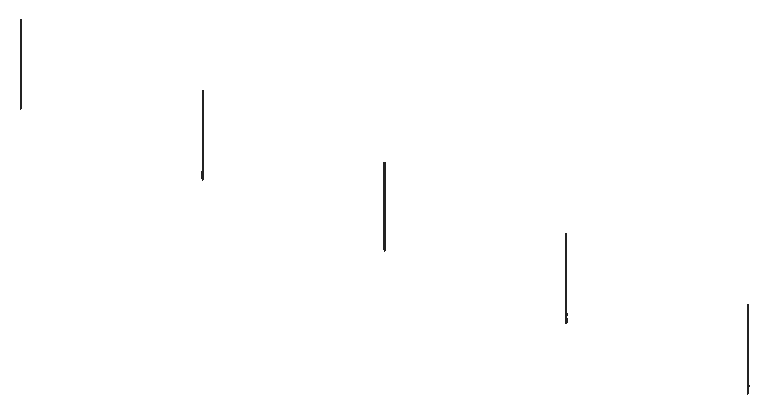
Revit family "Wire_Array-HunterDouglas-Snap-In", category Specialty Equipment, Revit 2013
Parameters (values of type "Parametric")
  ecoScorecard_data = "http://products.ecoscorecard.com/hunterdouglas/PTSI"
  ecoScorecard Product Page = "http://hunterdouglascontract.ecoscorecard.com/product/PTSI?base_search=product_category_A1035"
  Wire Visibility = yes
  Wire Hanger = Metal - Aluminum Frame - HunterDouglas - Painted White
  URL = "http://www.hunterdouglascontract.com/ceilings/index.jsp"
  Subcategory = "Metal – Plank and Tile"  # constant formula
  Product Line = "Snap-In"  # constant formula
  Perforations = "http://www.hunterdouglascontract.com/ceilings/metalsystems/plank/snapin/index.jsp?t=perfPage"
  Overall Length [instance] = (# of Wires - 1) * Wire Spacing  # 16' - 0"
  Model = "Snap-In Wire Hanger"  # constant formula
  Manufacturer = "Hunter Douglas Luxalon Metal Ceilings"  # constant formula
  Wire Spacing = 4' - 0"  # constant formula
  Hanger Wire Height [instance] = 2' - 0"
  Description = "Wire Hanger"  # constant formula
  Default Elevation = 0' - 0"
  Color Finishes = "http://www.hunterdouglascontract.com/ceilings/metalsystems/plank/snapin/index.jsp?t=colorPage"
  Assembly Code = "C3030200"
  95 CSI = "09510"  # constant formula
  04 CSI = "09 51 00"  # constant formula
  # of Wires = 5
Reference planes (in)
  plane 1 "Center (Front/Back)": y = 0
  plane 2: z = 0
  plane 3 "Center (Left/Right)": x = 0
  plane 4 "Left Edge": x = -96
  plane 5: x = 96
  plane 6: x = -48
  plane 7 "Ceiling Edge": z = 24
  plane 8 "Hanger Bottom": z = 3.25
Dimensions and locks (in)
  equal spacing: plane 4 "Left Edge", plane 3 "Center (Left/Right)", plane 5
  "Overall Length": plane 4 "Left Edge" to plane 5
  "Wire Spacing": plane 4 "Left Edge" to plane 6
  "Hanger Wire Height": plane 7 "Ceiling Edge" to level
  locked: plane 8 "Hanger Bottom" to level at 3.25
  equal spacing: group 1, group 3, group 4, group 5, group 2  (x3)
  aligned and locked: level to plane 2
  aligned and locked: plane 4 "Left Edge" to nested 1
  aligned and locked: plane 1 "Center (Front/Back)" to nested 1
  aligned and locked: nested 2 to plane 5
  aligned and locked: nested 2 to plane 1 "Center (Front/Back)"
  aligned and locked: nested 1 to plane 8 "Hanger Bottom"
  aligned and locked: plane 8 "Hanger Bottom" to nested 2
Nested families (in)
  nested 1: "Wire" at (-96, 0, 0) x (0, 1, 0) z (0, 0, 1), visible <- "Wire Visibility", type "Wire"
  nested 2: "Wire" at (96, 0, 0) x (0, 1, 0) z (0, 0, 1), visible <- "Wire Visibility", type "Wire"
  nested 3: "Wire" at (-48, 0, 0) x (0, 1, 0) z (0, 0, 1), visible <- "Wire Visibility", type "Wire"
  nested 4: "Wire" at (0, 0, 0) x (0, 1, 0) z (0, 0, 1), visible <- "Wire Visibility", type "Wire"
  nested 5: "Wire" at (48, 0, 0) x (0, 1, 0) z (0, 0, 1), visible <- "Wire Visibility", type "Wire"
Definition of nested family "Wire"
  Parameters (values of type "Wire")
    Material = Metal - Aluminum Frame - HunterDouglas - Painted White
    HangerWire Length = 2' - 0"
  Reference planes (in)
    plane 1 "Center (Front/Back)": y = 0
    plane 2: z = 0
    plane 3 "Center (Left/Right)": x = 0
    plane 4: x = -0.77248
    plane 5: x = 0.77248
    plane 6: z = 3.25
    plane 7: z = 3.3125
    plane 8: z = 24
  Forms (in)
    Sweep 1, solid, material "Metal - Aluminum Frame - HunterDouglas - Painted White" <- "Material", detail levels fine
      path origin (0, 0, 0) x (0.707107, 0.707107, 0) y (0, 0, 1)
        loop
          line (0.03125, 24) -> (0.03125, 4.52043) -> (0.38236, 3.95385)
          arc (0.38236, 3.95385) -> (0.44435, 3.82873) -> (0.48166, 3.69416) r 0.73777
          line (0.48166, 3.69416) -> (0.5376, 3.37899)
          arc (0.5376, 3.37899) -> (0.51364, 3.28927) -> (0.42949, 3.25) r 0.1098
          line (0.42949, 3.25) -> (-0.42976, 3.25)
          arc (-0.42976, 3.25) -> (-0.51374, 3.28919) -> (-0.53765, 3.37872) r 0.10957
          line (-0.53765, 3.37872) -> (-0.48246, 3.68965)
          arc (-0.48246, 3.68965) -> (-0.44395, 3.82857) -> (-0.37995, 3.95774) r 0.76163
          line (-0.37995, 3.95774) -> (-0.0384, 4.50888)
      profile origin (-0.0001, -0.0001, 3.25) x (0, 0, -1) y (0.707107, -0.707107, 0)
        loop
          circle (-0.03125, 0) r 0.03125
    Revolve 2, solid, material "Metal - Aluminum Frame - HunterDouglas - Painted White" <- "Material", detail levels fine
      sketch origin (0.00705, -1.10535, 0.17393) x (0, 0.947216, -0.320596) y (0, 0.320596, 0.947216)
        loop
          line (-0.45974, 4.85935) -> (-0.53048, 4.85935)
          arc (-0.53048, 4.85935) -> (-0.56173, 4.8281) -> (-0.53048, 4.79685) r 0.03125
          line (-0.53048, 4.79685) -> (-0.45974, 4.79685) -> (-0.45974, 4.85935)
        axis (-0.45974, 4.79685) -> (-0.45974, 4.85935)
      angle from 0 to 360
    Revolve 3, solid, material "Metal - Aluminum Frame - HunterDouglas - Painted White" <- "Material", detail levels fine
      sketch origin (0.00705, -1.10535, 0.04197) x (0, 0.947216, -0.320596) y (0, 0.320596, 0.947216)
        loop
          line (-0.45974, 4.85935) -> (-0.53048, 4.85935)
          arc (-0.53048, 4.85935) -> (-0.56173, 4.8281) -> (-0.53048, 4.79685) r 0.03125
          line (-0.53048, 4.79685) -> (-0.45974, 4.79685) -> (-0.45974, 4.85935)
        axis (-0.45974, 4.79685) -> (-0.45974, 4.85935)
      angle from 0 to 360
    Revolve 4, solid, material "Metal - Aluminum Frame - HunterDouglas - Painted White" <- "Material", detail levels fine
      sketch origin (0.00705, -1.10535, 0.10916) x (0, 0.947216, -0.320596) y (0, 0.320596, 0.947216)
        loop
          line (-0.45974, 4.85935) -> (-0.53048, 4.85935)
          arc (-0.53048, 4.85935) -> (-0.56173, 4.8281) -> (-0.53048, 4.79685) r 0.03125
          line (-0.53048, 4.79685) -> (-0.45974, 4.79685) -> (-0.45974, 4.85935)
        axis (-0.45974, 4.79685) -> (-0.45974, 4.85935)
      angle from 0 to 360
    Revolve 5, solid, material "Metal - Aluminum Frame - HunterDouglas - Painted White" <- "Material", detail levels fine
      sketch origin (0.00705, -1.10535, -0.02357) x (0, 0.947216, -0.320596) y (0, 0.320596, 0.947216)
        loop
          line (-0.45974, 4.85935) -> (-0.53048, 4.85935)
          arc (-0.53048, 4.85935) -> (-0.56173, 4.8281) -> (-0.53048, 4.79685) r 0.03125
          line (-0.53048, 4.79685) -> (-0.45974, 4.79685) -> (-0.45974, 4.85935)
        axis (-0.45974, 4.79685) -> (-0.45974, 4.85935)
      angle from 0 to 360
    Revolve 6, solid, material "Metal - Aluminum Frame - HunterDouglas - Painted White" <- "Material", detail levels fine
      sketch origin (0.00705, -1.10535, -0.08912) x (0, 0.947216, -0.320596) y (0, 0.320596, 0.947216)
        loop
          line (-0.45974, 4.85935) -> (-0.53048, 4.85935)
          arc (-0.53048, 4.85935) -> (-0.56173, 4.8281) -> (-0.53048, 4.79685) r 0.03125
          line (-0.53048, 4.79685) -> (-0.45974, 4.79685) -> (-0.45974, 4.85935)
        axis (-0.45974, 4.79685) -> (-0.45974, 4.85935)
      angle from 0 to 360
    Revolve 7, solid, material "Metal - Aluminum Frame - HunterDouglas - Painted White" <- "Material", detail levels fine
      sketch origin (0.00705, -1.10535, -0.15857) x (0, 0.947216, -0.320596) y (0, 0.320596, 0.947216)
        loop
          line (-0.45974, 4.85935) -> (-0.53048, 4.85935)
          arc (-0.53048, 4.85935) -> (-0.56173, 4.8281) -> (-0.53048, 4.79685) r 0.03125
          line (-0.53048, 4.79685) -> (-0.45974, 4.79685) -> (-0.45974, 4.85935)
        axis (-0.45974, 4.79685) -> (-0.45974, 4.85935)
      angle from 0 to 360
  Lines and regions (in)
    model lines, style "Wire", detail levels coarse+medium
      curve 1: line (0, 0, 23.78125) -> (0, 0, 3.3125)
    symbolic lines, style "Wire", detail levels fine
      curve 2: line (-0.38204, -0.33784, 0) -> (-0.08282, -0.03863, 0)
      curve 3: line (0.38204, 0.33784, 0) -> (0.09664, 0.05243, 0)
      curve 4: arc (0.33784, 0.38204, 0) -> (0.38204, 0.38204, 0) -> (0.38204, 0.33784, 0) r 0.03125
      curve 5: arc (-0.38204, -0.33784, 0) -> (-0.38204, -0.38204, 0) -> (-0.33784, -0.38204, 0) r 0.03125
      curve 6: circle (0.00691, 0.00691, 0) r 0.10062 normal (0, 0, 1)
      curve 7: circle (0, 0, 0) r 0.03125 normal (0, 0, 1)
      curve 8: line (0.05244, 0.09663, 0) -> (0.33784, 0.38204, 0)
      curve 9: line (-0.03862, -0.08282, 0) -> (-0.33784, -0.38204, 0)
      curve 14: line (-0.03122, 0, 24) -> (0.03122, 0, 24)
      curve 15: line (0.03122, 0, 24) -> (0.03122, 0, 4.9206)
      curve 16: line (-0.02999, 0, 4.50367) -> (-0.27048, 0, 3.97302)
      curve 17: line (-0.39791, 0, 3.38333) -> (-0.33782, 0, 3.70596)
      curve 18: arc (-0.33782, 0, 3.70596) -> (-0.3161, 0, 3.8425) -> (-0.27048, 0, 3.97302) r 0.77561
      curve 19: arc (-0.39791, 0, 3.38333) -> (-0.37867, 0, 3.29643) -> (-0.30275, 0, 3.25) r 0.11373
      curve 20: line (0.08629, 0, 4.43161) -> (-0.02999, 0, 4.50367)
      curve 21: spline (-0.03122, 0, 4.50264) -> (-0.02944, 0, 4.50316) -> (-0.02594, 0, 4.50416) -> (-0.02092, 0, 4.5056) -> (-0.01467, 0, 4.50739) -> (-0.00756, 0, 4.50942) -> (0, 0, 4.51157) -> (0.00755, 0, 4.51372) -> (0.01466, 0, 4.51574) -> (0.02091, 0, 4.51751) -> (0.02594, 0, 4.51893) -> (0.02944, 0, 4.51992) -> (0.03122, 0, 4.52042)
      curve 22: line (0.00884, 0, 4.43794) -> (-0.21356, 0, 3.94722)
      curve 23: arc (-0.2757, 0, 3.69815) -> (-0.25593, 0, 3.8255) -> (-0.21356, 0, 3.94722) r 0.71311
      curve 24: line (-0.33647, 0, 3.37189) -> (-0.2757, 0, 3.69815)
      curve 25: arc (-0.33647, 0, 3.37189) -> (-0.3278, 0, 3.33274) -> (-0.2936, 0, 3.31183) r 0.05123
      curve 26: line (0.03122, 0, 24) -> (-0.03122, 0, 24)
      curve 27: line (-0.03122, 0, 24) -> (-0.03122, 0, 4.9421)
      curve 28: line (-0.2936, 0, 3.31183) -> (0, 0, 3.31183)
      curve 29: line (0, 0, 3.25) -> (-0.30275, 0, 3.25)
      curve 30: line (-0.03122, 0, 4.54502) -> (-0.03122, 0, 4.50095)
      curve 31: line (0.03122, 0, 4.50095) -> (0.27048, 0, 3.97302)
      curve 32: line (0.39791, 0, 3.38333) -> (0.33782, 0, 3.70596)
      curve 33: arc (0.33782, 0, 3.70596) -> (0.3161, 0, 3.8425) -> (0.27048, 0, 3.97302) r 0.77561
      curve 34: arc (0.39791, 0, 3.38333) -> (0.37867, 0, 3.29643) -> (0.30275, 0, 3.25) r 0.11373
      curve 35: spline (0.03122, 0, 4.50264) -> (0.02944, 0, 4.50316) -> (0.02594, 0, 4.50416) -> (0.02092, 0, 4.5056) -> (0.01467, 0, 4.50739) -> (0.00756, 0, 4.50942) -> (0, 0, 4.51157) -> (-0.00755, 0, 4.51372) -> (-0.01466, 0, 4.51574) -> (-0.02091, 0, 4.51751) -> (-0.02594, 0, 4.51893) -> (-0.02944, 0, 4.51992) -> (-0.03122, 0, 4.52042)
      curve 36: line (-0.00884, 0, 4.43794) -> (0.21356, 0, 3.94722)
      curve 37: arc (0.2757, 0, 3.69815) -> (0.25593, 0, 3.8255) -> (0.21356, 0, 3.94722) r 0.71311
      curve 38: line (0.33647, 0, 3.37189) -> (0.2757, 0, 3.69815)
      curve 39: arc (0.33647, 0, 3.37189) -> (0.3278, 0, 3.33274) -> (0.2936, 0, 3.31183) r 0.05123
      curve 40: line (0.2936, 0, 3.31183) -> (0, 0, 3.31183)
      curve 41: line (0, 0, 3.25) -> (0.30275, 0, 3.25)
      curve 42: line (0.03122, 0, 4.54502) -> (0.03122, 0, 4.50095)
      curve 43: line (0, 0.03122, 4.50095) -> (0, 0.27048, 3.97302)
      curve 44: line (0, 0.39791, 3.38333) -> (0, 0.33782, 3.70596)
      curve 45: arc (0, 0.33782, 3.70596) -> (0, 0.3161, 3.8425) -> (0, 0.27048, 3.97302) r 0.77561
      curve 46: arc (0, 0.39791, 3.38333) -> (0, 0.37867, 3.29643) -> (0, 0.30275, 3.25) r 0.11373
      curve 47: line (0, -0.00884, 4.43794) -> (0, 0.21356, 3.94722)
      curve 48: arc (0, 0.2757, 3.69815) -> (0, 0.25593, 3.8255) -> (0, 0.21356, 3.94722) r 0.71311
      curve 49: line (0, 0.33647, 3.37189) -> (0, 0.2757, 3.69815)
      curve 50: arc (0, 0.33647, 3.37189) -> (0, 0.3278, 3.33274) -> (0, 0.2936, 3.31183) r 0.05123
      curve 51: line (0, 0.2936, 3.31183) -> (0, 0, 3.31183)
      curve 52: line (0, 0, 3.25) -> (0, 0.30275, 3.25)
      curve 53: line (0, -0.03122, 4.50095) -> (0, -0.27048, 3.97302)
      curve 54: line (0, -0.39791, 3.38333) -> (0, -0.33782, 3.70596)
      curve 55: arc (0, -0.33782, 3.70596) -> (0, -0.3161, 3.8425) -> (0, -0.27048, 3.97302) r 0.77561
      curve 56: arc (0, -0.39791, 3.38333) -> (0, -0.37867, 3.29643) -> (0, -0.30275, 3.25) r 0.11373
      curve 57: line (0, 0.00884, 4.43794) -> (0, -0.21356, 3.94722)
      curve 58: arc (0, -0.2757, 3.69815) -> (0, -0.25593, 3.8255) -> (0, -0.21356, 3.94722) r 0.71311
      curve 59: line (0, -0.33647, 3.37189) -> (0, -0.2757, 3.69815)
      curve 60: arc (0, -0.33647, 3.37189) -> (0, -0.3278, 3.33274) -> (0, -0.2936, 3.31183) r 0.05123
      curve 61: line (0, -0.2936, 3.31183) -> (0, 0, 3.31183)
      curve 62: line (0, 0, 3.25) -> (0, -0.30275, 3.25)
      curve 63: line (0, -0.03122, 4.54502) -> (0, -0.03122, 4.50095)
      curve 64: line (0, -0.04684, 4.94748) -> (0, 0.08788, 4.90109)
      curve 65: line (0, -0.07537, 4.89108) -> (0, 0.06749, 4.84189)
      curve 66: arc (0, 0.08788, 4.90109) -> (0, 0.10729, 4.8613) -> (0, 0.06749, 4.84189) r 0.03131
      curve 67: arc (0, -0.04684, 4.94748) -> (0, -0.08569, 4.93172) -> (0, -0.07537, 4.89108) r 0.0319
      curve 68: arc (0, 0.08788, 4.83487) -> (0, 0.10784, 4.79687) -> (0, 0.0711, 4.77466) r 0.03131
      curve 69: arc (0, -0.04684, 4.88126) -> (0, -0.08551, 4.86585) -> (0, -0.07602, 4.82532) r 0.0319
      curve 70: line (0, -0.07602, 4.82532) -> (0, 0.0711, 4.77466)
      curve 71: arc (0, 0.08788, 4.76865) -> (0, 0.10784, 4.73065) -> (0, 0.0711, 4.70844) r 0.03131
      curve 72: arc (0, -0.04684, 4.81504) -> (0, -0.08551, 4.79963) -> (0, -0.07602, 4.7591) r 0.0319
      curve 73: line (0, -0.07602, 4.7591) -> (0, 0.0711, 4.70844)
      curve 74: arc (0, 0.08788, 4.70243) -> (0, 0.10784, 4.66443) -> (0, 0.0711, 4.64222) r 0.03131
      curve 75: arc (0, -0.04684, 4.74882) -> (0, -0.08551, 4.73341) -> (0, -0.07602, 4.69288) r 0.0319
      curve 76: line (0, -0.07602, 4.69288) -> (0, 0.0711, 4.64222)
      curve 77: arc (0, 0.08788, 4.63621) -> (0, 0.10784, 4.59821) -> (0, 0.0711, 4.576) r 0.03131
      curve 78: arc (0, -0.04684, 4.6826) -> (0, -0.08551, 4.66719) -> (0, -0.07602, 4.62666) r 0.0319
      curve 79: line (0, -0.07602, 4.62666) -> (0, 0.0711, 4.576)
      curve 80: arc (0, 0.08788, 4.56999) -> (0, 0.10784, 4.53199) -> (0, 0.0711, 4.50978) r 0.03131
      curve 81: arc (0, -0.04684, 4.61638) -> (0, -0.08551, 4.60097) -> (0, -0.07602, 4.56044) r 0.0319
      curve 82: line (0, -0.07602, 4.56044) -> (0, 0.0711, 4.50978)
      curve 83: line (0, -0.03122, 4.54502) -> (0, -0.03122, 4.50095)
      curve 84: spline (0, 0.03122, 4.50264) -> (0, 0.02944, 4.50316) -> (0, 0.02594, 4.50416) -> (0, 0.02092, 4.5056) -> (0, 0.01467, 4.50739) -> (0, 0.00756, 4.50942) -> (0, 0, 4.51157) -> (0, -0.00755, 4.51372) -> (0, -0.01466, 4.51574) -> (0, -0.02091, 4.51751) -> (0, -0.02594, 4.51893) -> (0, -0.02944, 4.51992) -> (0, -0.03122, 4.52042)
      curve 85: line (0, 0.03122, 4.52352) -> (0, 0.03122, 4.50095)
    symbolic lines, style "Wire"
      curve 10: line (0, 0.03125, 24) -> (0, -0.03125, 24)
      curve 11: line (0, -0.03125, 24) -> (0, -0.03125, 4.86415)
      curve 12: arc (0, 0.03125, 4.86415) -> (0, 0, 4.85466) -> (0, -0.03125, 4.86415) r 0.05621
      curve 13: line (0, 0.03125, 4.86415) -> (0, 0.03125, 24)
      curve 86: arc (-0.07801, 0, 4.59631) -> (-0.09482, 0, 4.63088) -> (-0.07483, 0, 4.66372) r 0.04011
      curve 87: arc (-0.07459, 0, 4.66386) -> (-0.03526, 0, 4.67961) -> (0.00686, 0, 4.68417) r 0.15569
      curve 88: arc (0.09173, 0, 4.59631) -> (0.10854, 0, 4.63088) -> (0.08855, 0, 4.66372) r 0.04011
      curve 89: arc (0.0883, 0, 4.66386) -> (0.04898, 0, 4.67961) -> (0.00686, 0, 4.68417) r 0.15569
      curve 90: arc (-0.07483, 0, 4.66372) -> (-0.09482, 0, 4.69663) -> (-0.07788, 0, 4.73122) r 0.04011
      curve 91: arc (-0.07459, 0, 4.73331) -> (-0.03526, 0, 4.74906) -> (0.00686, 0, 4.75362) r 0.15569
      curve 92: arc (0.08855, 0, 4.66372) -> (0.10858, 0, 4.69859) -> (0.0883, 0, 4.73331) r 0.04011
      curve 93: arc (0.0883, 0, 4.73331) -> (0.04898, 0, 4.74906) -> (0.00686, 0, 4.75362) r 0.15569
      curve 94: arc (-0.07788, 0, 4.73122) -> (-0.09482, 0, 4.76594) -> (-0.07459, 0, 4.79885) r 0.04011
      curve 95: arc (-0.07459, 0, 4.79885) -> (-0.03526, 0, 4.8146) -> (0.00686, 0, 4.81916) r 0.15569
      curve 96: arc (0.0916, 0, 4.73122) -> (0.10853, 0, 4.76594) -> (0.0883, 0, 4.79885) r 0.04011
      curve 97: arc (0.0883, 0, 4.79885) -> (0.04898, 0, 4.8146) -> (0.00686, 0, 4.81916) r 0.15569
      curve 98: arc (-0.07788, 0, 4.79676) -> (-0.09486, 0, 4.82953) -> (-0.07788, 0, 4.8623) r 0.04011
      curve 99: arc (-0.07459, 0, 4.86439) -> (-0.03526, 0, 4.88014) -> (0.00686, 0, 4.8847) r 0.15569
      curve 100: arc (0.0916, 0, 4.79676) -> (0.10858, 0, 4.82953) -> (0.0916, 0, 4.8623) r 0.04011
      curve 101: arc (0.0883, 0, 4.86439) -> (0.04898, 0, 4.88014) -> (0.00686, 0, 4.8847) r 0.15569
      curve 102: arc (-0.07788, 0, 4.8623) -> (-0.09482, 0, 4.89702) -> (-0.07459, 0, 4.92994) r 0.04011
      curve 103: arc (-0.07459, 0, 4.92994) -> (-0.03526, 0, 4.94568) -> (0.00686, 0, 4.95024) r 0.15569
      curve 104: arc (0.0916, 0, 4.8623) -> (0.10853, 0, 4.89702) -> (0.0883, 0, 4.92994) r 0.04011
      curve 105: arc (0.0883, 0, 4.92994) -> (0.04898, 0, 4.94568) -> (0.00686, 0, 4.95024) r 0.15569
      curve 106: arc (-0.07788, 0, 4.53068) -> (-0.09482, 0, 4.56541) -> (-0.07459, 0, 4.59832) r 0.04011
      curve 107: arc (-0.07801, 0, 4.59631) -> (-0.03718, 0, 4.61357) -> (0.00686, 0, 4.61863) r 0.15569
      curve 108: arc (0.0916, 0, 4.53068) -> (0.10853, 0, 4.56541) -> (0.0883, 0, 4.59832) r 0.04011
      curve 109: arc (0.09173, 0, 4.59631) -> (0.0509, 0, 4.61357) -> (0.00686, 0, 4.61863) r 0.15569
      curve 110: arc (-0.07788, 0, 4.53068) -> (-0.05245, 0, 4.51733) -> (-0.02439, 0, 4.51121) r 0.10721
      curve 111: arc (0.0916, 0, 4.53068) -> (0.06617, 0, 4.51733) -> (0.03811, 0, 4.51121) r 0.10721
  Dimensions and locks (in)
    equal spacing: plane 4, plane 3 "Center (Left/Right)", plane 5
    plane 4 to plane 5 = 0' - 1.54495"
    locked: plane 6 to plane 7 at 0.0625
    locked: plane 6 to level at 3.25
    "HangerWire Length": plane 8 to level
    aligned and locked: level to plane 2
    aligned and locked: Sweep 1 sketch curve to plane 6
    aligned and locked: curve 1 to plane 3 "Center (Left/Right)"
    aligned and locked: plane 7 to curve 1
    aligned and locked: plane 8 to curve 26
    aligned and locked: plane 8 to Sweep 1 sketch curve
    aligned and locked: curve 10 to plane 8
  Automatic sketch dimensions
    curve 12 to plane 1 "Center (Front/Back)" = 0' - 0"
    plane 1 "Center (Front/Back)" to curve 11 = 0' - 0 1/32"
    curve 13 to plane 1 "Center (Front/Back)" = 0' - 0 1/32"
    curve 12 to curve 12 = 0' - 0.04672"
    curve 18 to curve 23 = 0' - 0"  (x2)
    curve 19 to curve 25 = 0' - 0"  (x2)
    curve 33 to curve 37 = 0' - 0"  (x2)
    curve 34 to curve 39 = 0' - 0"  (x2)
    curve 19 to plane 6 = 0' - 0"
    curve 41 to plane 3 "Center (Left/Right)" = 0' - 0"
    curve 40 to plane 3 "Center (Left/Right)" = 0' - 0"
    curve 35 to plane 3 "Center (Left/Right)" = 0' - 0"
    curve 36 to plane 3 "Center (Left/Right)" = 0' - 0.00884"
    curve 16 to plane 3 "Center (Left/Right)" = 0' - 0.02999"
    curve 14 to plane 3 "Center (Left/Right)" = 0' - 0.03122"
    curve 35 to curve 16 = 0' - 0.00123"
    curve 21 to curve 21 = 0' - 0.00021"
    curve 22 to plane 3 "Center (Left/Right)" = 0' - 0.21356"
    curve 18 to curve 23 = 0' - 0.05693"
    curve 23 to curve 22 = 0' - 0.06215"
    plane 7 to curve 19 = 0' - 0.05001"
    curve 19 to plane 3 "Center (Left/Right)" = 0' - 0.2861"
    curve 25 to plane 7 = 0' - 0.00067"
    curve 25 to curve 19 = 0' - 0.0075"
    curve 29 to curve 28 = 0' - 0.00915"
    curve 25 to curve 19 = 0' - 0.05037"
    curve 17 to curve 23 = 0' - 0.06212"
    plane 7 to curve 17 = 0' - 0.07083"
    curve 37 to curve 17 = 0' - 0.09814"
    plane 3 "Center (Left/Right)" to curve 21 = 0' - 0"
    plane 3 "Center (Left/Right)" to curve 22 = 0' - 0.00884"
    plane 3 "Center (Left/Right)" to curve 42 = 0' - 0.03122"
    plane 3 "Center (Left/Right)" to curve 14 = 0' - 0.03122"
    curve 35 to curve 31 = 0' - 0"
    curve 35 to curve 35 = 0' - 0.00021"
    curve 22 to curve 20 = 0' - 0.07745"
    plane 3 "Center (Left/Right)" to curve 37 = 0' - 0.21356"
    curve 36 to curve 31 = 0' - 0.05693"
    curve 37 to curve 38 = 0' - 0.06215"
    plane 7 to curve 39 = 0' - 0.05001"
    plane 3 "Center (Left/Right)" to curve 39 = 0' - 0.2861"
    curve 34 to curve 40 = 0' - 0.0075"
    curve 39 to curve 34 = 0' - 0.00915"
    curve 34 to curve 39 = 0' - 0.05037"
    curve 38 to curve 33 = 0' - 0.06212"
    curve 38 to curve 34 = 0' - 0.06144"
    curve 33 to curve 23 = 0' - 0.09814"
    curve 19 to curve 33 = 0' - 0 69/256"
    curve 34 to curve 18 = 0' - 0 69/256"
    curve 33 to curve 23 = 0' - 0.04529"
    curve 18 to curve 37 = 0' - 0.04529"
    curve 38 to curve 32 = 0' - 0 1/128"
    curve 23 to curve 18 = 0' - 0 1/128"
    curve 33 to curve 20 = 0' - 0.4586"
    curve 20 to curve 36 = 0' - 0.00633"
    curve 22 to curve 36 = 0' - 0"
    curve 36 to curve 30 = 0' - 0.06301"
    curve 42 to curve 16 = 0' - 0.00272"
    curve 31 to curve 35 = 0' - 0.00163"
    curve 30 to curve 21 = 0' - 0.00163"
    curve 35 to curve 35 = 0' - 0.00006"
    curve 21 to curve 21 = 0' - 0.00006"
    curve 35 to curve 30 = 0' - 0.0246"
    curve 21 to curve 42 = 0' - 0.0246"
    curve 42 to curve 15 = 0' - 0.37558"
    curve 15 to curve 27 = 0' - 0.0215"
    plane 1 "Center (Front/Back)" to curve 7 = 0' - 0"
    curve 7 to plane 3 "Center (Left/Right)" = 0' - 0"
    curve 9 to plane 3 "Center (Left/Right)" = 0' - 0.03862"
    plane 1 "Center (Front/Back)" to curve 2 = 0' - 0.03863"
    curve 2 to curve 9 = 0' - 0.0442"
    curve 5 to plane 3 "Center (Left/Right)" = 0' - 0.33784"
    curve 5 to curve 9 = 0' - 0.0221"
    curve 5 to curve 5 = 0' - 0.0221"
    plane 3 "Center (Left/Right)" to curve 6 = 0' - 0.00691"
    plane 3 "Center (Left/Right)" to curve 8 = 0' - 0.05244"
    curve 8 to curve 3 = 0' - 0.0442"
    plane 3 "Center (Left/Right)" to curve 4 = 0' - 0.33784"
    curve 4 to curve 4 = 0' - 0.0221"
    curve 4 to curve 3 = 0' - 0.0221"
    curve 9 to curve 2 = 0' - 0.0442"
    plane 1 "Center (Front/Back)" to curve 2 = 0' - 0.33784"
    curve 5 to curve 2 = 0' - 0.0221"
    curve 4 to plane 1 "Center (Front/Back)" = 0' - 0.33784"
    curve 3 to curve 4 = 0' - 0.0221"
    plane 7 to Sweep 1 sketch curve = 0' - 0.06622"
    plane 7 to Sweep 1 sketch curve = 0' - 0.37715"
    Sweep 1 sketch curve to Sweep 1 sketch curve = 0' - 0.05519"
    Sweep 1 sketch curve to Sweep 1 sketch curve = 0' - 0.10788"
    Sweep 1 sketch curve to Sweep 1 sketch curve = 0' - 0.10251"
    Sweep 1 sketch curve to Sweep 1 sketch curve = 0' - 0.2377"
    plane 7 to Sweep 1 sketch curve = 0' - 1.19638"
    Sweep 1 sketch curve to Sweep 1 sketch curve = 0' - 0.34154"
    Sweep 1 sketch curve to Sweep 1 sketch curve = 0' - 0.06965"
    plane 7 to Sweep 1 sketch curve = 0' - 0.24405"
    Sweep 1 sketch curve to Sweep 1 sketch curve = 0' - 0.51221"
    Sweep 1 sketch curve to Sweep 1 sketch curve = 0' - 0.1149"
    Sweep 1 sketch curve to Sweep 1 sketch curve = 0' - 0.16204"
    Sweep 1 sketch curve to Sweep 1 sketch curve = 0' - 0.21421"
    plane 7 to Sweep 1 sketch curve = 0' - 0.06649"
    Sweep 1 sketch curve to Sweep 1 sketch curve = 0' - 0.10811"
    plane 7 to Sweep 1 sketch curve = 0' - 0.25273"
    Sweep 1 sketch curve to Sweep 1 sketch curve = 0' - 0.13761"
    Sweep 1 sketch curve to Sweep 1 sketch curve = 0' - 0.01154"
    Sweep 1 sketch curve to profile plane = 0' - 0"
    profile plane to Sweep 1 sketch curve = 0' - 0 1/32"
    plane 1 "Center (Front/Back)" to Revolve 2 sketch curve = 0' - 0.06997"
    plane 7 to Revolve 2 sketch curve = 0' - 1.57516"
    Revolve 2 sketch curve to Revolve 2 sketch curve = 0' - 0.07074"
    Revolve 2 sketch curve to Revolve 2 sketch curve = 0' - 0"  (x2)
    Revolve 2 sketch curve to Revolve 2 sketch curve = 0' - 0 1/32"
    Revolve 2 sketch curve to Revolve 2 sketch curve = 0' - 0.02781"
    plane 1 "Center (Front/Back)" to Revolve 3 sketch curve = 0' - 0.06997"
    plane 7 to Revolve 3 sketch curve = 0' - 1.44319"
    Revolve 3 sketch curve to Revolve 3 sketch curve = 0' - 0.07074"
    Revolve 3 sketch curve to Revolve 3 sketch curve = 0' - 0"  (x2)
    Revolve 3 sketch curve to Revolve 3 sketch curve = 0' - 0 1/32"
    Revolve 3 sketch curve to Revolve 3 sketch curve = 0' - 0.02781"
    curve 45 to curve 48 = 0' - 0"  (x2)
    curve 46 to curve 50 = 0' - 0"  (x2)
    curve 55 to curve 58 = 0' - 0"  (x2)
    curve 56 to curve 60 = 0' - 0"  (x2)
    plane 6 to curve 46 = 0' - 0"
    curve 61 to plane 1 "Center (Front/Back)" = 0' - 0"
    curve 52 to plane 1 "Center (Front/Back)" = 0' - 0"
    curve 57 to plane 1 "Center (Front/Back)" = 0' - 0.00884"
    curve 85 to plane 1 "Center (Front/Back)" = 0' - 0.03122"
    curve 84 to curve 43 = 0' - 0"
    curve 84 to curve 84 = 0' - 0.00021"
    curve 65 to plane 1 "Center (Front/Back)" = 0' - 0.06749"
    curve 73 to plane 1 "Center (Front/Back)" = 0' - 0.0711"
    curve 68 to curve 71 = 0' - 0"
    curve 79 to curve 85 = 0' - 0.03988"
    curve 82 to curve 84 = 0' - 0.03967"
    curve 76 to curve 73 = 0' - 0"
    curve 74 to curve 74 = 0' - 0.00658"
    curve 68 to curve 68 = 0' - 0.00658"
    curve 77 to curve 79 = 0' - 0.00658"
    curve 80 to curve 80 = 0' - 0.00658"
    curve 71 to curve 73 = 0' - 0.00658"
    curve 66 to curve 66 = 0' - 0.01019"
    curve 80 to curve 79 = 0' - 0.01678"
    curve 77 to curve 76 = 0' - 0.01678"
    curve 64 to curve 66 = 0' - 0.01019"
    curve 71 to curve 70 = 0' - 0.01678"
    curve 68 to curve 66 = 0' - 0.02038"
    curve 74 to curve 73 = 0' - 0.01678"
    curve 48 to plane 1 "Center (Front/Back)" = 0' - 0.21356"
    curve 45 to curve 47 = 0' - 0.05693"
    curve 48 to curve 48 = 0' - 0.06215"
    plane 7 to curve 46 = 0' - 0.05001"
    curve 46 to plane 1 "Center (Front/Back)" = 0' - 0.2861"
    curve 50 to plane 7 = 0' - 0.00067"
    curve 50 to curve 46 = 0' - 0.0075"
    curve 52 to curve 50 = 0' - 0.00915"
    plane 7 to curve 49 = 0' - 0.05939"
    curve 44 to curve 48 = 0' - 0.06212"
    curve 46 to curve 49 = 0' - 0.06144"
    curve 55 to curve 45 = 0' - 0.09814"
    plane 1 "Center (Front/Back)" to curve 84 = 0' - 0"
    plane 1 "Center (Front/Back)" to curve 47 = 0' - 0.00884"
    plane 1 "Center (Front/Back)" to curve 83 = 0' - 0.03122"
    plane 1 "Center (Front/Back)" to curve 64 = 0' - 0.04684"
    plane 1 "Center (Front/Back)" to curve 69 = 0' - 0.04684"
    plane 1 "Center (Front/Back)" to curve 72 = 0' - 0.04684"
    plane 1 "Center (Front/Back)" to curve 81 = 0' - 0.04684"
    plane 1 "Center (Front/Back)" to curve 78 = 0' - 0.04684"
    plane 1 "Center (Front/Back)" to curve 75 = 0' - 0.04684"
    curve 72 to curve 72 = 0' - 0.01039"
    curve 67 to curve 67 = 0' - 0.01039"
    curve 81 to curve 81 = 0' - 0.01039"
    curve 69 to curve 69 = 0' - 0.01039"
    curve 78 to curve 78 = 0' - 0.01039"
    curve 75 to curve 75 = 0' - 0.01039"
    curve 69 to curve 67 = 0' - 0.02853"
    curve 75 to curve 73 = 0' - 0.02918"
    curve 72 to curve 69 = 0' - 0.02918"
    curve 81 to curve 81 = 0' - 0.01879"
    curve 78 to curve 75 = 0' - 0.02918"
    curve 81 to curve 79 = 0' - 0.02918"
    plane 1 "Center (Front/Back)" to curve 57 = 0' - 0.21356"
    curve 57 to curve 55 = 0' - 0.05693"
    curve 58 to curve 58 = 0' - 0.06215"
    plane 7 to curve 60 = 0' - 0.05001"
    plane 1 "Center (Front/Back)" to curve 60 = 0' - 0.2861"
    curve 56 to curve 60 = 0' - 0.0075"
    curve 60 to curve 62 = 0' - 0.00915"
    curve 56 to curve 60 = 0' - 0.05037"
    curve 58 to curve 55 = 0' - 0.06212"
    plane 7 to curve 54 = 0' - 0.07083"
    curve 54 to curve 45 = 0' - 0.09814"
    curve 56 to curve 45 = 0' - 0 69/256"
    curve 44 to curve 55 = 0' - 0 69/256"
    curve 45 to curve 59 = 0' - 0.04529"
    curve 55 to curve 49 = 0' - 0.04529"
    curve 58 to curve 54 = 0' - 0 1/128"
    curve 48 to curve 44 = 0' - 0 1/128"
    curve 57 to curve 47 = 0' - 0.49072"
    curve 57 to curve 47 = 0' - 0"
    curve 47 to curve 53 = 0' - 0.06301"
    curve 43 to curve 53 = 0' - 0"
    curve 43 to curve 84 = 0' - 0.00163"
    curve 84 to curve 84 = 0' - 0.00006"
    curve 84 to curve 80 = 0' - 0.00721"
    curve 84 to curve 85 = 0' - 0.02087"
    curve 80 to curve 80 = 0' - 0.03061"
    curve 80 to curve 79 = 0' - 0.00601"
    curve 81 to curve 81 = 0' - 0.02577"
    curve 79 to curve 77 = 0' - 0.03061"
    curve 81 to curve 79 = 0' - 0.01028"
    curve 77 to curve 74 = 0' - 0.00601"
    curve 78 to curve 78 = 0' - 0.02577"
    curve 74 to curve 74 = 0' - 0.03061"
    curve 78 to curve 75 = 0' - 0.01028"
    curve 74 to curve 73 = 0' - 0.00601"
    curve 75 to curve 75 = 0' - 0.02577"
    curve 73 to curve 71 = 0' - 0.03061"
    curve 75 to curve 72 = 0' - 0.01028"
    curve 71 to curve 68 = 0' - 0.00601"
    curve 72 to curve 72 = 0' - 0.02577"
    curve 68 to curve 68 = 0' - 0.03061"
    curve 72 to curve 69 = 0' - 0.01028"
    curve 68 to curve 66 = 0' - 0.00702"
    curve 70 to curve 69 = 0' - 0.02577"
    curve 66 to curve 66 = 0' - 0.0296"
    curve 65 to curve 67 = 0' - 0.02623"
    curve 86 to plane 3 "Center (Left/Right)" = 0' - 0.07801"
    curve 94 to plane 3 "Center (Left/Right)" = 0' - 0.07788"
    curve 98 to curve 94 = 0' - 0"
    curve 98 to curve 98 = 0' - 0"
    curve 107 to curve 110 = 0' - 0.00013"
    curve 86 to curve 90 = 0' - 0.00318"
    curve 102 to curve 99 = 0' - 0.0033"
    curve 98 to curve 95 = 0' - 0.0033"
    curve 90 to curve 87 = 0' - 0.00025"
    curve 86 to curve 106 = 0' - 0.00342"
    curve 94 to curve 91 = 0' - 0.0033"
    curve 94 to curve 95 = 0' - 0"
    curve 102 to curve 99 = 0' - 0"
    curve 103 to curve 102 = 0' - 0"
    curve 110 to curve 106 = 0' - 0.02313"
    curve 106 to curve 86 = 0' - 0.01984"
    curve 99 to curve 102 = 0' - 0.01984"
    curve 87 to curve 90 = 0' - 0.01984"
    curve 91 to curve 94 = 0' - 0.01984"
    curve 95 to curve 98 = 0' - 0.01984"
    curve 110 to plane 3 "Center (Left/Right)" = 0' - 0.02439"
    curve 110 to plane 3 "Center (Left/Right)" = 0' - 0.01579"
    plane 3 "Center (Left/Right)" to curve 107 = 0' - 0.00241"
    plane 3 "Center (Left/Right)" to curve 99 = 0' - 0.00241"
    plane 3 "Center (Left/Right)" to curve 91 = 0' - 0.00241"
    plane 3 "Center (Left/Right)" to curve 87 = 0' - 0.00241"
    plane 3 "Center (Left/Right)" to curve 103 = 0' - 0.00241"
    plane 3 "Center (Left/Right)" to curve 95 = 0' - 0.00241"
    plane 3 "Center (Left/Right)" to curve 103 = 0' - 0.00686"
    plane 3 "Center (Left/Right)" to curve 101 = 0' - 0.00686"
    plane 3 "Center (Left/Right)" to curve 97 = 0' - 0.00686"
    plane 3 "Center (Left/Right)" to curve 87 = 0' - 0.00686"
    plane 3 "Center (Left/Right)" to curve 109 = 0' - 0.00686"
    plane 3 "Center (Left/Right)" to curve 91 = 0' - 0.00686"
    curve 107 to curve 109 = 0' - 0.00891"
    curve 103 to curve 105 = 0' - 0.00891"
    curve 99 to curve 101 = 0' - 0.00891"
    curve 87 to curve 89 = 0' - 0.00891"
    curve 91 to curve 93 = 0' - 0.00891"
    curve 95 to curve 97 = 0' - 0.00891"
    curve 107 to curve 111 = 0' - 0.02264"
    curve 89 to curve 111 = 0' - 0.0268"
    curve 87 to curve 92 = 0' - 0.06161"
    curve 99 to curve 104 = 0' - 0.06161"
    curve 111 to curve 88 = 0' - 0.03896"
    curve 91 to curve 96 = 0' - 0.06161"
    curve 111 to curve 108 = 0' - 0.03036"
    curve 97 to curve 100 = 0' - 0.06161"
    curve 96 to curve 93 = 0' - 0.01984"
    curve 104 to curve 101 = 0' - 0.01984"
    curve 100 to curve 97 = 0' - 0.01984"
    curve 92 to curve 89 = 0' - 0.01984"
    curve 96 to curve 97 = 0' - 0"
    curve 104 to curve 104 = 0' - 0.01984"
    curve 105 to curve 104 = 0' - 0"
    curve 92 to curve 93 = 0' - 0"
    curve 88 to curve 108 = 0' - 0.01984"
    curve 89 to curve 88 = 0' - 0.00025"
    curve 108 to curve 111 = 0' - 0.02313"
    curve 92 to curve 96 = 0' - 0.0033"
    curve 101 to curve 100 = 0' - 0.0033"
    curve 96 to curve 100 = 0' - 0.0033"
    curve 108 to curve 109 = 0' - 0.00342"
    plane 7 to curve 107 = 0' - 1.1505"
    curve 109 to curve 107 = 0' - 0"
    curve 107 to curve 110 = 0' - 0.04821"
    curve 109 to curve 111 = 0' - 0.04821"
    curve 111 to curve 89 = 0' - 0.01733"
    curve 87 to curve 89 = 0' - 0"
    curve 111 to curve 108 = 0' - 0.01947"
    curve 110 to curve 110 = 0' - 0.01947"
    curve 111 to curve 108 = 0' - 0.03277"
    curve 110 to curve 106 = 0' - 0.03277"
    curve 109 to curve 108 = 0' - 0.00201"
    curve 93 to curve 107 = 0' - 0.02063"
    curve 91 to curve 93 = 0' - 0"
    curve 108 to curve 88 = 0' - 0.03068"
    curve 106 to curve 86 = 0' - 0.03068"
    curve 109 to curve 95 = 0' - 0.04491"
    curve 97 to curve 95 = 0' - 0"
    curve 90 to curve 87 = 0' - 0.00014"
    curve 87 to curve 90 = 0' - 0.03458"
    curve 101 to curve 91 = 0' - 0.02454"
    curve 99 to curve 101 = 0' - 0"
    curve 103 to curve 95 = 0' - 0.02454"
    curve 105 to curve 103 = 0' - 0"
    curve 100 to curve 96 = 0' - 0.00209"
    curve 98 to curve 95 = 0' - 0.00209"
    curve 97 to curve 100 = 0' - 0.03068"
    curve 100 to curve 101 = 0' - 0.00209"
    plane 1 "Center (Front/Back)" to Revolve 4 sketch curve = 0' - 0.06997"
    plane 7 to Revolve 4 sketch curve = 0' - 1.51039"
    Revolve 4 sketch curve to Revolve 4 sketch curve = 0' - 0.07074"
    Revolve 4 sketch curve to Revolve 4 sketch curve = 0' - 0"  (x2)
    Revolve 4 sketch curve to Revolve 4 sketch curve = 0' - 0 1/32"
    Revolve 4 sketch curve to Revolve 4 sketch curve = 0' - 0.02781"
    plane 1 "Center (Front/Back)" to Revolve 5 sketch curve = 0' - 0.06997"
    plane 7 to Revolve 5 sketch curve = 0' - 1.37765"
    Revolve 5 sketch curve to Revolve 5 sketch curve = 0' - 0.07074"
    Revolve 5 sketch curve to Revolve 5 sketch curve = 0' - 0"  (x2)
    Revolve 5 sketch curve to Revolve 5 sketch curve = 0' - 0 1/32"
    Revolve 5 sketch curve to Revolve 5 sketch curve = 0' - 0.02781"
    plane 1 "Center (Front/Back)" to Revolve 6 sketch curve = 0' - 0.06997"
    plane 7 to Revolve 6 sketch curve = 0' - 1.31211"
    Revolve 6 sketch curve to Revolve 6 sketch curve = 0' - 0.07074"
    Revolve 6 sketch curve to Revolve 6 sketch curve = 0' - 0"  (x2)
    Revolve 6 sketch curve to Revolve 6 sketch curve = 0' - 0 1/32"
    Revolve 6 sketch curve to Revolve 6 sketch curve = 0' - 0.02781"
    plane 1 "Center (Front/Back)" to Revolve 7 sketch curve = 0' - 0.06997"
    plane 7 to Revolve 7 sketch curve = 0' - 1.24266"
    Revolve 7 sketch curve to Revolve 7 sketch curve = 0' - 0.07074"
    Revolve 7 sketch curve to Revolve 7 sketch curve = 0' - 0"  (x2)
    Revolve 7 sketch curve to Revolve 7 sketch curve = 0' - 0 1/32"
    Revolve 7 sketch curve to Revolve 7 sketch curve = 0' - 0.02781"
    plane 7 to curve 12 = 0' - 1.59837"
    curve 1 to plane 8 = 0' - 0 7/32"
    radius of curve 7 = 0' - 0 1/32"
    radius of Sweep 1 sketch curve = 0' - 0 1/32"
